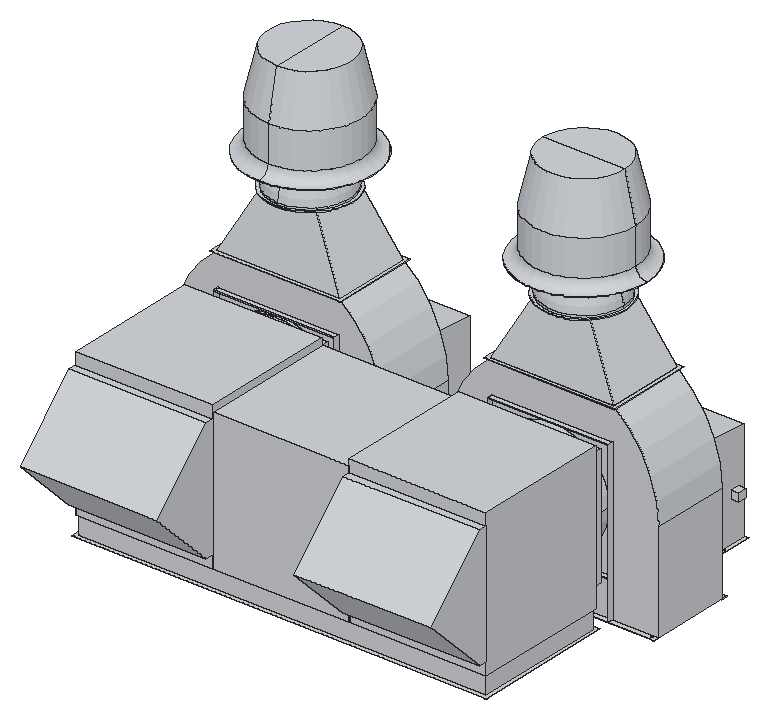
Revit family "Dual_CAVP_with_Mixing_Box", category Mechanical Equipment, Revit 2019
Family settings
  Round Connector Dimension = Use Diameter
  Part Type = Normal
  Work Plane-Based = No
  Always vertical = Yes
  Cut with Voids When Loaded = No
  Shared = No
  Room Calculation Point = No
Parameters (values of type "Dual_490_CAVP-27L_CLASS_2_With_Mixing_Box")
  Unit Weight [instance] = ""
  TRANSITION/2 = TRANSITION / 2  # 13.54551"
  TRANSITION = sqrt((NOZZLE_BOTTOM_ID * NOZZLE_BOTTOM_ID) / 2)  # 27.09103"
  RO2/2 = (DUAL_Q - 4 1/2") / 2  # 96 15/16"
  RO/2 = (MB_P - 4 1/2") / 2  # 30 3/4"
  N_B_R+1.5" = NOZZLE_BOTTOM_RAD + 1 1/2"  # 20 21/32"
  ModelID [instance] = ""
  MB_P+MB_P+.5 = MB_P + MB_P + 1/2"  # 132 1/2"
  E/52*30 = E / 52 * 30  # 59.38702"
  E/2-H/2 = E / 2 - H / 2  # 22 5/8"
  E-N-N-H = (E - N - N - H) / 2  # 2"
  E-(NOZZLE_RAD/3*2) = E / 2 - (NOZZLE_BOTTOM_RAD / 3 * 2)  # 38.69792"
  DUAL_Q-4.5" = DUAL_Q - 4 1/2"  # 193 7/8"
  DUAL_Q+.25" = DUAL_Q + 1/4"  # 198 5/8"
  DUAL_Q = (MB_P * 3) + 3/8"  # 198 3/8"
  Sones [instance] = ""
  R-((B/2)+1.5") = R - ((B / 2) + 1 1/2")  # 19"
  R+((B/2)+1.5") = R + ((B / 2) + 1 1/2")  # 77"
  R*1.1 = R * 1.1  # 52.8"
  R = 48"
  Q/2 = Q / 2  # 1/2"
  Q = 1"  # constant formula
  MB_P-4.5" = MB_P - 4 1/2"  # 61 1/2"
  MB_P+.25" = MB_P + 1/4"  # 66 1/4"
  P = 21 7/8"
  NOZZLE_WB_RAD-2" = NOZZLE_WB_RAD - 2"  # 28 1/2"
  NOZZLE_WB_RAD = NOZZLE_WB_OD / 2  # 30 1/2"
  NOZZLE_WB_OD = if(NOZZLE_SIZE = 9", 23", if(NOZZLE_SIZE = 12", 28", if(NOZZLE_SIZE = 15", 36", if(NOZZLE_SIZE = 18", 43", if(NOZZLE_SIZE = 21", 49", if(NOZZLE_SIZE = 24", 61", if(NOZZLE_SIZE = 27", 61", if(NOZZLE_SIZE = 30", 74", if(NOZZLE_SIZE = 36", 90", if(NOZZLE_SIZE = 49", 101", 1"))))))))))  # 61"
  NOZZLE_WB/4 = NOZZLE_WB_OD / 5  # 12.2"
  NOZZLE_TOP_RAD = NOZZLE_TOP_OD / 2  # 19 27/32"
  NOZZLE_TOP_OD = if(NOZZLE_SIZE = 9", 13 1/2", if(NOZZLE_SIZE = 12", 19 1/2", if(NOZZLE_SIZE = 15", 23", if(NOZZLE_SIZE = 18", 27 1/2", if(NOZZLE_SIZE = 21", 30 3/4", if(NOZZLE_SIZE = 24", 36 1/2", if(NOZZLE_SIZE = 27", 39 11/16", if(NOZZLE_SIZE = 30", 45 1/2", if(NOZZLE_SIZE = 36", 58", if(NOZZLE_SIZE = 49", 76", 1"))))))))))  # 39 11/16"
  NOZZLE_SIZE = 27"
  NOZZLE_HEIGHT/7*2 = NOZZLE_HEIGHT / 8 * 2  # 15 5/32"
  NOZZLE_HEIGHT = if(NOZZLE_SIZE = 9", 28", if(NOZZLE_SIZE = 12", 32", if(NOZZLE_SIZE = 15", 43", if(NOZZLE_SIZE = 18", 48", if(NOZZLE_SIZE = 21", 52 3/4", if(NOZZLE_SIZE = 24", 62", if(NOZZLE_SIZE = 30", 78", if(NOZZLE_SIZE = 27", 60 5/8", if(NOZZLE_SIZE = 36", 95", if(NOZZLE_SIZE = 49", 110", 1"))))))))))  # 60 5/8"
  NOZZLE_BOTTOM_RAD-3*2 = NOZZLE_BOTTOM_RAD - 3" * 2  # 13 5/32"
  NOZZLE_BOTTOM_RAD = NOZZLE_BOTTOM_ID / 2  # 19 5/32"
  NOZZLE_BOTTOM_ID = if(NOZZLE_SIZE = 9", 12 13/16", if(NOZZLE_SIZE = 12", 17 1/16", if(NOZZLE_SIZE = 15", 21 3/8", if(NOZZLE_SIZE = 18", 25 5/8", if(NOZZLE_SIZE = 21", 28 3/4", if(NOZZLE_SIZE = 24", 34 3/4", if(NOZZLE_SIZE = 27", 38 5/16", if(NOZZLE_SIZE = 30", 42 1/2", if(NOZZLE_SIZE = 36", 51 3/4", if(NOZZLE_SIZE = 49", 69 3/8", 1"))))))))))  # 38 5/16"
  MB_N-(D-J-K-L) = MB_N - (D - J - K - L)  # 12 3/16"
  N+(H/2) = N + (H / 2)  # 49 15/32"
  N = 20 5/8"
  Motor RPM [instance] = ""
  Motor Enclosure [instance] = ""
  MB_Q = MB_P  # 66"
  MB_P = 66"
  MB_N = 13 9/16"
  MB_HEIGHT/2 = MB_HEIGHT / 2  # 35 3/8"
  MB_HEIGHT = 70 3/4"
  MB_F = 15 3/4"
  MB_A = 195 7/8"
  M-(2*(D-L-K-J)) = M - (2 * (D - L - K - J))  # 38 3/16"
  M = 40 15/16"
  LwA [instance] = ""
  L = 43 3/16"
  K = 25 7/8"
  J+K+L = J + K + L  # 82 9/16"
  J = 13 1/2"
  HEIGHT = R + (E * 0.4367)  # 92.95281"
  H/2 = H / 2  # 28 27/32"
  H = 57 11/16"
  Fan RPM [instance] = ""
  F/2 = F / 2  # 29 27/32"
  F-H = F - H  # 2"
  MB_F-3" = MB_F - 3"  # 12 3/4"
  F = 59 11/16"
  E/52*15 = E / 52 * 15  # 29.69351"
  E/2 = E / 2  # 51 15/32"
  E = 102 15/16"
  D-M = D - M  # 43"
  D-L-K-J = D - L - J - K  # 1 3/8"
  D = 83 15/16"
  CURB_HEIGHT [instance] = 12"
  CURB [instance] = yes
  CLASS = 2"
  C/2 = C / 2  # 61 17/32"
  C = 123 1/16"
  Bypass Damper Actuator = ""
  B/4 = B / 4  # 13 3/4"
  B/2 = B / 2  # 27 1/2"
  B = 55"
  Accessories [instance] = ""
  A/2 = A / 2  # 108 29/32"
  A = 217 13/16"
  85 = 85.00°  # constant formula
  8.1875 = 8 3/16"  # constant formula
  60 = 60.00°  # constant formula
  3" = 3"  # constant formula
  Brake Hp [instance] = ""
  4" = 4"  # constant formula
  2' = 24"
  2" = 2"  # constant formula
  135 = 135.00°  # constant formula
  10.1875 = 10 3/16"  # constant formula
  1" = 1"  # constant formula
  0 = 0"  # constant formula
  Voltage [instance] = 0 V
  URL = "www.lorencook.com"
  Type Comments = if(CLASS = 1", "Dual Vari-Plume Laboratory Exhaust Centrifugal Airfoil Class 1 Arr 10 With Mixing Box", "Dual Vari-Plume Laboratory Exhaust Centrifugal Airfoil Class 2 Arr 10 With Mixing Box")  # "Dual Vari-Plume Laboratory Exhaust Centrifugal Airfoil Class 2 Arr 10 With Mixing Box"
  Static Pressure [instance] = 0.00 in-wg
  Power [instance] = Voltage * Motor FLA * sqrt(if(Phase = 3, 3, 1))  # 0 VA
  Phase [instance] = 0
  Number of Poles [instance] = 1
  Motor Hp [instance] = "0"
  Motor FLA [instance] = 0 A
  Model = "Dual_CAVP_with_Mixing_Box"  # constant formula
  Manufacturer = "Loren Cook Company"
  CFM [instance] = 0 CFM
  1.5 = 1 1/2"  # constant formula
  ONE EIGTH = 1/8"  # constant formula
  -MB_P-.25 = -MB_P - 1/4"  # -66 1/4"
  -MB_P = -MB_P  # -66"
  -MB_HEIGHT = -MB_HEIGHT  # -70 3/4"
  -(F-((F-H)/2))/2 = -(F / 2) + 2"  # -27 27/32"
  -((MB_Q / 2) + 1/8") = -((MB_Q / 2) + 1/8")  # -33 1/8"
  (NOZZLE_WB_OD - NOZZLE_TOP_OD) / 4 = (NOZZLE_WB_OD - NOZZLE_TOP_OD) / 4  # 5 21/64"
  (NOZZLE_HEIGHT - (NOZZLE_HEIGHT / 8 * 2)) / 2 = (NOZZLE_HEIGHT - (NOZZLE_HEIGHT / 8 * 2)) / 2  # 22 47/64"
  (MB_Q/2)+.125" = (MB_Q / 2) + 1/8"  # 33 1/8"
  (MB_P/2-.125")-((F / 2) - 2") = -((MB_P / 2 - 1/8") - ((F / 2) - 2"))  # -5 1/32"
  (MB_P/2-.125")+((F / 2) - 2") = -((MB_P / 2 - 1/8") + ((F / 2) - 2"))  # -60 23/32"
  (MB_P/2)+.125" = (MB_P / 2) + 1/8"  # 33 1/8"
  (M - (2 * (D - L - K - J)))/2 = (M - (2 * (D - L - K - J))) / 2  # 19 3/32"
  (F-((F-H)/2))/2 = (F / 2) - 2"  # 27 27/32"
  (E/2)-(E/52*15) = (E / 2) - (E / 52 * 15)  # 21.77524"
  (E/2)-((MB_P/2)+.125") = (E / 2) - ((MB_P / 2) + 1/8")  # 18 11/32"
  (E/2)-((B/2)+1.5") = (E / 2) - ((B / 2) + 1 1/2")  # 22 15/32"
  (D-J-K-L)*2 = (D - J - K - L) * 2  # 2 3/4"
  (B/2)-.125" = (B / 2) - 1/8"  # 27 3/8"
  (B/2)+1.5" = (B / 2) + 1 1/2"  # 29"
  ((M - (2 * (D - L - K - J))) / 2) + (TRANSITION / 2) = ((M - (2 * (D - L - K - J))) / 2) + (TRANSITION / 2)  # 32.63926"
Reference planes (in)
  plane 1 "Center (Front/Back)": y = 0
  plane 2: z = 0
  plane 3 "Center (Left/Right)": x = -3.28209
  plane 4: y = -19.09375
  plane 5: x = 129.21791
Forms (in)
  Extrusion 1, solid
    sketch origin (0, 0, 0) x (1, 0, 0) y (0, 0, 1)
      loop
        line (-54.75084, 0) -> (48.18666, 0) -> (48.18666, 48)
        arc (48.18666, 48) -> (42.45625, 72.97457) -> (26.41142, 92.95281) r 57.28791
        line (26.41142, 92.95281) -> (-32.9756, 92.95281)
        arc (-32.9756, 92.95281) -> (-49.02043, 72.97457) -> (-54.75084, 48) r 57.28791
        line (-54.75084, 48) -> (-54.75084, 0)
    from 0 to 38.1875 <- "M-(2*(D-L-K-J))"
  Extrusion 2, solid
    sketch origin (-3.28209, 0, 0) x (0, 1, 0) y (0, 0, 1)
      loop
        line (0, 0) -> (43, 0) -> (43, 49.03799) -> (0, 52.8) -> (0, 0)
    from -27.84375 <- "-(F-((F-H)/2))/2" to 27.84375 <- "(F-((F-H)/2))/2"
  Extrusion 3, solid
    sketch origin (0, 0, 0) x (1, 0, 0) y (0, 1, 0)
      loop
        line (-54.75084, 0) -> (-31.12584, 0) -> (-31.12584, 43) -> (-33.12584, 43) -> (-33.12584, 2.75) -> (-54.75084, 2.75) -> (-54.75084, 0)
      loop
        line (-54.75084, -38.1875) -> (-54.75084, -40.9375) -> (48.18666, -40.9375) -> (48.18666, -38.1875) -> (-54.75084, -38.1875)
      loop
        line (48.18666, 0) -> (48.18666, 2.75) -> (26.56166, 2.75) -> (26.56166, 43) -> (24.56166, 43) -> (24.56166, 0) -> (48.18666, 0)
    from 0 to 0.125
  Blend 4, solid
    base sketch origin (0, 0, 0) x (1, 0, 0) y (0, 1, 0)
      loop
        line (-32.9756, 0) -> (-32.9756, -38.1875) -> (26.41142, -38.1875) -> (26.41142, 0) -> (-32.9756, 0)
    top sketch origin (0, 0, 0) x (1, 0, 0) y (0, 1, 0)
      loop
        line (-16.8276, -5.54824) -> (-16.8276, -32.63926) -> (10.26343, -32.63926) -> (10.26343, -5.54824) -> (-16.8276, -5.54824)
    from 92.95281 <- "HEIGHT" to 123.0625 <- "C"
  Revolve 5, void
    sketch origin (-3.28209, 0, 0) x (0, 1, 0) y (0, 0, 1)
      loop
        line (-38.1875, 75.5) -> (-38.1875, 48) -> (-24.4375, 48) -> (-24.4375, 67.56143) -> (-38.1875, 75.5)
      axis (-38.1875, 48) -> (-24.4375, 48)
    angle from 0 to 360
  Revolve 6, solid
    sketch origin (-3.28209, 0, 0) x (0, 1, 0) y (0, 0, 1)
      loop
        line (-19.09375, 123.0625) -> (1.5625, 123.0625) -> (1.5625, 123.1875) -> (0.0625, 123.1875) -> (0.0625, 124.0625)
        arc (0.0625, 124.0625) -> (-1.77051, 131.94902) -> (-6.89375, 138.21875) r 17.8824
        line (-6.89375, 138.21875) -> (11.40625, 138.21875) -> (0.75, 183.6875) -> (-19.09375, 183.6875) -> (-19.09375, 123.0625)
      axis (-19.09375, 183.6875) -> (-19.09375, 123.0625)
    angle from 0 to 360
  Revolve 7, void
    sketch origin (-3.28209, 0, 0) x (0, 1, 0) y (0, 0, 1)
      loop
        line (16.73437, 160.95312) -> (6.07812, 160.95312) -> (6.07812, 143.67188)
        arc (6.07812, 143.67188) -> (11.40625, 138.34375) -> (16.73437, 143.67188) r 5.32813
        line (16.73437, 143.67188) -> (16.73437, 160.95312)
      axis (-19.09375, 143.67188) -> (-19.09375, 160.95312)
    angle from 0 to 360
  Extrusion 8, solid
    sketch origin (-31.12584, 0, 0) x (0, -1, 0) y (0, 0, 1)
      loop
        line (-39, 20) -> (-35, 20) -> (-35, 24) -> (-39, 24) -> (-39, 20)
    from 0 to 4
  Extrusion 9, solid
    sketch origin (26.41142, 0, 92.95281) x (-1, 0, 0) y (0, -1, 0)
      loop
        line (59.38702, 0) -> (59.38702, 38.1875) -> (0, 38.1875) -> (0, 0) -> (59.38702, 0)
      loop
        line (61.38702, -2) -> (61.38702, 40.1875) -> (-2, 40.1875) -> (-2, -2) -> (61.38702, -2)
    from 0 to 0.125
  Extrusion 10, solid
    sketch origin (0, -38.1875, 0) x (1, 0, 0) y (0, 0, 1)
      loop
        circle (-3.28209, 48) r 27.5
      loop
        circle (-3.28209, 48) r 27.375
    from 0 to 2
  Extrusion 11, solid
    sketch origin (0, -38.1875, 0) x (1, 0, 0) y (0, 0, 1)
      loop
        line (-32.28209, 77) -> (-32.28209, 19) -> (25.71791, 19) -> (25.71791, 77) -> (-32.28209, 77)
      loop
        line (-32.40709, 0.125) -> (-32.28209, 0.125) -> (-32.28209, 18.875) -> (25.71791, 18.875) -> (25.71791, 0.125) -> (25.84291, 0.125) -> (25.84291, 77.125) -> (-32.40709, 77.125) -> (-32.40709, 0.125)
    from 0 to 2.75 <- "(D-J-K-L)*2"
  Extrusion 12, void
    sketch origin (0, 0, 0) x (1, 0, 0) y (0, 1, 0)
      loop
        circle (-32.12584, -39.5625) r 0.5
      loop
        circle (-52.75084, -39.5625) r 0.5
      loop
        circle (-52.75084, 1.375) r 0.5
      loop
        circle (-32.12584, 29.5) r 0.5
      loop
        circle (-32.12584, 7.625) r 0.5
      loop
        circle (-32.12584, 3.625) r 0.5
      loop
        circle (25.56166, -39.5625) r 0.5
      loop
        circle (46.18666, -39.5625) r 0.5
      loop
        circle (46.18666, 1.375) r 0.5
      loop
        circle (25.56166, 29.5) r 0.5
      loop
        circle (25.56166, 7.625) r 0.5
      loop
        circle (25.56166, 3.625) r 0.5
    from 0 to 2
  Extrusion 13, solid
    sketch origin (-3.28209, 0, 0) x (0, 1, 0) y (0, 0, 1)
      loop
        line (-119.375, 83.5) -> (-119.375, 12.75) -> (-53.125, 12.75) -> (-53.125, 83.5) -> (-119.375, 83.5)
    from 33.125 <- "(MB_Q/2)+.125"" to -33.125 <- "-((MB_Q / 2) + 1/8")"
  Extrusion 14, void
    sketch origin (0, 0, 0) x (1, 0, 0) y (0, 1, 0)
      loop
        line (-36.28209, -53.25) -> (-36.28209, -119.25) -> (29.71791, -119.25) -> (29.71791, -53.25) -> (-36.28209, -53.25)
    from 15.75 <- "MB_F" to 12.75 <- "MB_F-3""
  Extrusion 15, solid
    sketch origin (-3.28209, -53.125, 83.5) x (0, 0, -1) y (-1, 0, 0)
      loop
        line (6.375, 29.125) -> (6.375, -29.125) -> (64.5, -29.125) -> (64.5, 29.125) -> (6.375, 29.125)
    from 0 to 8.1875 <- "8.1875"
  Revolve 16, solid
    sketch origin (-3.28209, 0, 0) x (0, 1, 0) y (0, 0, 1)
      loop
        line (-40.1875, 75.5) -> (-44.9375, 75.5) -> (-44.9375, 48) -> (-40.1875, 48) -> (-40.1875, 75.5)
      axis (-40.1875, 48) -> (-44.9375, 48)
    angle from 0 to 360
  Extrusion 17, solid
    sketch origin (-3.28209, 0, 0) x (0, 1, 0) y (0, 0, 1)
      loop
        line (-119.375, 77.625) -> (-123.375, 77.625) -> (-152.875, 48.125) -> (-123.375, 18.625) -> (-119.375, 18.625) -> (-119.375, 77.625)
    from 33.125 <- "(MB_Q/2)+.125"" to -33.125 <- "-((MB_Q / 2) + 1/8")"
  Extrusion 18, solid
    sketch origin (-3.28209, -53.125, 12.75) x (-1, 0, 0) y (0, 1, 0)
      loop
        line (-99.25, 0) -> (-165.5, 0) -> (-165.5, -66.25) -> (-99.25, -66.25) -> (-99.25, 0)
    from 0 to -70.75 <- "-MB_HEIGHT"
  Extrusion 19, void
    sketch origin (-3.28209, -53.125, 12.75) x (-1, 0, 0) y (0, -1, 0)
      loop
        line (-99.375, 0.125) -> (-99.375, 66.125) -> (-165.375, 66.125) -> (-165.375, 0.125) -> (-99.375, 0.125)
    from 0 to 3
  Extrusion 20, solid
    sketch origin (0, 0, 0) x (1, 0, 0) y (0, 0, 1)
      loop
        arc (180.68666, 48) -> (174.95768, 73.03083) -> (158.91142, 93.07781) r 57.54632
        line (158.91142, 93.07781) -> (99.5244, 93.07781)
        arc (99.5244, 93.07781) -> (83.47814, 73.03083) -> (77.74916, 48) r 57.54632
        line (77.74916, 48) -> (77.74916, 0) -> (180.68666, 0) -> (180.68666, 48)
    from 0 to 38.1875 <- "M-(2*(D-L-K-J))"
  Extrusion 21, solid
    sketch origin (162.21791, -53.125, 12.75) x (0, -1, 0) y (0, 0, -1)
      loop
        line (-96.125, -36.28799) -> (-53.125, -40.05) -> (-53.125, 12.75) -> (-96.125, 12.75) -> (-96.125, -36.28799)
    from -5.03125 <- "(MB_P/2-.125")-((F / 2) - 2")" to -60.71875 <- "(MB_P/2-.125")+((F / 2) - 2")"
  Blend 22, solid
    base sketch origin (0, 0, 0) x (1, 0, 0) y (0, 1, 0)
      loop
        line (99.5244, 0) -> (99.5244, -38.1875) -> (158.91142, -38.1875) -> (158.91142, 0) -> (99.5244, 0)
    top sketch origin (0, 0, 0) x (1, 0, 0) y (0, 1, 0)
      loop
        line (115.6724, -5.54824) -> (115.6724, -32.63926) -> (142.76343, -32.63926) -> (142.76343, -5.54824) -> (115.6724, -5.54824)
    from 92.95281 <- "HEIGHT" to 123.0625 <- "C"
  Revolve 23, solid
    sketch origin (41.56006, -19.09375, 48) x (-1, 0, 0) y (0, 0, 1)
      loop
        line (-87.65785, 75.0625) -> (-87.65785, 135.6875) -> (-107.5016, 135.6875) -> (-118.15785, 90.21875) -> (-99.85785, 90.21875)
        arc (-99.85785, 90.21875) -> (-104.98109, 83.94902) -> (-106.8141, 76.0625) r 17.8824
        line (-106.8141, 76.0625) -> (-106.8141, 75.0625) -> (-87.65785, 75.0625)
      axis (-87.65785, 75.0625) -> (-87.65785, 135.6875)
    angle from 0 to 360
  Revolve 24, void
    sketch origin (41.56006, -19.09375, 48) x (-1, 0, 0) y (0, 0, 1)
      loop
        line (-112.82972, 95.67187) -> (-112.82972, 112.95312) -> (-123.48597, 112.95312) -> (-123.48597, 95.67187)
        arc (-123.48597, 95.67187) -> (-118.15785, 90.34375) -> (-112.82972, 95.67187) r 5.32812
      axis (-87.65785, 95.67187) -> (-87.65785, 112.95312)
    angle from 0 to 360
  Extrusion 25, solid
    sketch origin (0, 0, 0) x (1, 0, 0) y (0, 1, 0)
      loop
        line (77.99916, -38.1875) -> (77.99916, -40.9375) -> (180.93666, -40.9375) -> (180.93666, -38.1875) -> (77.99916, -38.1875)
      loop
        line (157.18666, 43) -> (157.18666, 0) -> (180.93666, 0) -> (180.93666, 2.75) -> (159.18666, 2.75) -> (159.18666, 43) -> (157.18666, 43)
      loop
        line (101.49916, 43) -> (99.49916, 43) -> (99.49916, 2.75) -> (77.99916, 2.75) -> (77.99916, 0) -> (101.49916, 0) -> (101.49916, 43)
    from 0 to 0.125
  Extrusion 26, void
    sketch origin (0, 0, 0) x (1, 0, 0) y (0, 1, 0)
      loop
        circle (79.74916, -39.5625) r 0.5
      loop
        circle (100.37416, -39.5625) r 0.5
      loop
        circle (158.06166, -39.5625) r 0.5
      loop
        circle (178.68666, -39.5625) r 0.5
      loop
        circle (178.68666, 1.375) r 0.5
      loop
        circle (79.74916, 1.375) r 0.5
      loop
        circle (158.06166, 3.625) r 0.5
      loop
        circle (158.06166, 7.625) r 0.5
      loop
        circle (158.06166, 29.5) r 0.5
      loop
        circle (100.37416, 29.5) r 0.5
      loop
        circle (100.37416, 7.625) r 0.5
      loop
        circle (100.37416, 3.625) r 0.5
    from 0 to 0.125
  Extrusion 27, solid
    sketch origin (95.96791, -53.125, 12.75) x (1, 0, 0) y (0, 0, -1)
      loop
        line (62.25, -64.25) -> (62.25, -6.25) -> (4.25, -6.25) -> (4.25, -64.25) -> (62.25, -64.25)
    from 0 to 8.1875 <- "8.1875"
  Extrusion 28, solid
    sketch origin (162.21791, -53.125, 12.75) x (0, -1, 0) y (0, 0, -1)
      loop
        line (66.25, -64.875) -> (70.25, -64.875) -> (99.75, -35.375) -> (70.25, -5.875) -> (66.25, -5.875) -> (66.25, -64.875)
    from 0 to -66.25 <- "-MB_P-.25"
  Extrusion 29, solid
    sketch origin (0, -38.1875, 0) x (1, 0, 0) y (0, 0, 1)
      loop
        circle (129.21791, 48) r 27.5
    from 0 to 6.75
  Extrusion 30, solid
    sketch origin (0, -38.1875, 0) x (1, 0, 0) y (0, 0, 1)
      loop
        line (100.21791, 19) -> (158.21791, 19) -> (158.21791, 77) -> (100.21791, 77) -> (100.21791, 19)
      loop
        line (158.21791, 0.125) -> (158.34291, 0.125) -> (158.34291, 77.125) -> (100.09291, 77.125) -> (100.09291, 0.125) -> (100.21791, 0.125) -> (100.21791, 18.875) -> (158.21791, 18.875) -> (158.21791, 0.125)
    from 0 to 2.75 <- "(D-J-K-L)*2"
  Extrusion 31, solid
    sketch origin (-3.28209, -119.375, 12.75) x (0, 0, 1) y (-1, 0, 0)
      loop
        line (67.75, -99.25) -> (67.75, -33.125) -> (0, -33.125) -> (0, -99.25) -> (67.75, -99.25)
    from 0 to -66.25 <- "-MB_P-.25"
  Extrusion 32, void
    sketch origin (29.84291, -119.375, 12.75) x (-1, 0, 0) y (0, -1, 0)
      loop
        line (-0.125, -66.125) -> (-0.125, -0.125) -> (-66, -0.125) -> (-66, -66.125) -> (-0.125, -66.125)
    from 0 to 3
  Extrusion 33, solid
    sketch origin (157.18666, -53.125, 12.75) x (0, -1, 0) y (0, 0, -1)
      loop
        line (-88.125, -11.25) -> (-88.125, -7.25) -> (-92.125, -7.25) -> (-92.125, -11.25) -> (-88.125, -11.25)
    from 0 to 4
  Extrusion 34, solid, visible <- "CURB"
    sketch origin (0, 0, 15.75) x (0, 1, 0) y (1, 0, 0)
      loop
        line (-55.5, -34.03209) -> (-55.5, 159.96791) -> (-117, 159.96791) -> (-117, -34.03209) -> (-55.5, -34.03209)
      loop
        line (-118.5, 161.46791) -> (-118.5, -35.53209) -> (-54, -35.53209) -> (-54, 161.46791) -> (-118.5, 161.46791)
    from 0 to 12 <- "CURB_HEIGHT"
  Extrusion 35, solid, visible <- "CURB"
    sketch origin (0, 0, 3.75) x (-1, 0, 0) y (0, 1, 0)
      loop
        line (35.53209, -118.5) -> (35.53209, -54) -> (-161.46791, -54) -> (-161.46791, -118.5) -> (35.53209, -118.5)
      loop
        line (-163.46791, -52) -> (-163.46791, -120.5) -> (37.53209, -120.5) -> (37.53209, -52) -> (-163.46791, -52)
    from 0 to -0.125
  Extrusion 36, solid
    sketch origin (158.91142, 0, 93.07781) x (-1, 0, 0) y (0, -1, 0)
      loop
        line (61.38702, 40.1875) -> (-2, 40.1875) -> (-2, -2) -> (61.38702, -2) -> (61.38702, 40.1875)
      loop
        line (0, 0) -> (59.38702, 0) -> (59.38702, 38.1875) -> (0, 38.1875) -> (0, 0)
    from 0 to -0.125
  Extrusion 37, solid
    sketch origin (129.21791, -19.09375, 123.0625) x (0, -1, 0) y (-1, 0, 0)
      loop
        circle (0, 0) r 20.65625
      loop
        circle (0, 0) r 19.15625
    from 0 to -0.125
Cuts and joins
  Revolve 5, Extrusion 12 cuts Extrusion 1
  Revolve 7 cuts Revolve 6
  Extrusion 12 cuts Extrusion 3
  Extrusion 14 cuts Extrusion 13
  Extrusion 19 cuts Extrusion 18
  Revolve 24 cuts Revolve 23
  Extrusion 26 cuts Extrusion 20
  Extrusion 26 cuts Extrusion 21
  Extrusion 26 cuts Extrusion 25
  Extrusion 32 cuts Extrusion 31
Dimensions and locks (in)
  "0": Extrusion 1 sketch curve to level
  "E/2": plane 3 "Center (Left/Right)" to Extrusion 1 sketch curve
  "E/2": Extrusion 1 sketch curve to plane 3 "Center (Left/Right)"
  "HEIGHT": Extrusion 1 sketch curve to level
  "E/52*15": plane 3 "Center (Left/Right)" to Extrusion 1 sketch curve
  "E/52*15": Extrusion 1 sketch curve to plane 3 "Center (Left/Right)"
  "R": Extrusion 1 sketch curve to level  (x2)
  "R*1.1": Extrusion 2 sketch curve to level
  "0": Extrusion 2 sketch curve to level
  "D-M": Extrusion 2 sketch curve to Extrusion 1
  "0": Extrusion 2 sketch curve to Extrusion 1
  "0": Extrusion 3 sketch curve to Extrusion 2  (x4)
  "0": Extrusion 3 sketch curve to Extrusion 1  (x6)
  "0": Extrusion 1 to Extrusion 3 sketch curve
  "D": Extrusion 2 to Extrusion 3 sketch curve
  "F/2": plane 3 "Center (Left/Right)" to Extrusion 3 sketch curve
  "F/2": Extrusion 3 sketch curve to plane 3 "Center (Left/Right)"
  "(D-J-K-L)*2": Extrusion 3 sketch curve to Extrusion 1  (x2)
  "0": Extrusion 1 to Blend 4 sketch curve
  "0": Blend 4 sketch curve to Extrusion 1  (x3)
  "R": level to Revolve 5 sketch curve
  "R": Revolve 5 sketch curve to level
  "B/2": Revolve 5 sketch curve to Revolve 5 sketch curve
  "B/4": Extrusion 1 to Revolve 5 sketch curve
  "0": Revolve 5 sketch curve to Extrusion 1
  "(M - (2 * (D - L - K - J)))/2": Revolve 6 sketch curve to cut or joined group of Extrusion 1, Revolve 5, Extrusion 12  (x2)
  "NOZZLE_BOTTOM_RAD": Revolve 6 sketch curve to Revolve 6 sketch curve
  "NOZZLE_WB_RAD": Revolve 6 sketch curve to Revolve 6 sketch curve
  "NOZZLE_TOP_RAD": Revolve 6 sketch curve to Revolve 6 sketch curve
  "NOZZLE_HEIGHT": Revolve 6 sketch curve to Blend 4
  "NOZZLE_HEIGHT/7*2": Revolve 6 sketch curve to Blend 4
  "ONE EIGTH": Revolve 6 sketch curve to Revolve 6 sketch curve
  "1.5": Revolve 6 sketch curve to Revolve 6 sketch curve
  "0": Revolve 6 sketch curve to Blend 4
  "1"": Revolve 6 sketch curve to Blend 4
  "NOZZLE_WB/4": Revolve 6 sketch curve to Revolve 6 sketch curve
  "ONE EIGTH": Revolve 7 sketch curve to Revolve 6
  "(NOZZLE_WB_OD - NOZZLE_TOP_OD) / 4": Revolve 6 to Revolve 7 sketch curve
  "(NOZZLE_WB_OD - NOZZLE_TOP_OD) / 4": Revolve 7 sketch curve to Revolve 6
  "(NOZZLE_HEIGHT - (NOZZLE_HEIGHT / 8 * 2)) / 2": Revolve 7 sketch curve to Revolve 6
  "(M - (2 * (D - L - K - J)))/2": Revolve 7 sketch curve to cut or joined group of Extrusion 1, Revolve 5, Extrusion 12
  "4"": Extrusion 8 sketch curve to Extrusion 8 sketch curve  (x2)
  "4"": Extrusion 2 to Extrusion 8 sketch curve
  "2'": Extrusion 8 sketch curve to level
  "0": cut or joined group of Extrusion 1, Revolve 5, Extrusion 12 to Extrusion 9 sketch curve  (x2)
  "0": Extrusion 9 sketch curve to cut or joined group of Extrusion 1, Revolve 5, Extrusion 12  (x2)
  "2"": cut or joined group of Extrusion 1, Revolve 5, Extrusion 12 to Extrusion 9 sketch curve  (x2)
  "2"": Extrusion 9 sketch curve to cut or joined group of Extrusion 1, Revolve 5, Extrusion 12  (x2)
  "0": Extrusion 10 sketch curve to plane 3 "Center (Left/Right)"  (x2)
  "R": Extrusion 10 sketch curve to level  (x2)
  "(B/2)+1.5"": plane 3 "Center (Left/Right)" to Extrusion 11 sketch curve  (x3)
  "(B/2)+1.5"": Extrusion 11 sketch curve to plane 3 "Center (Left/Right)"
  "R+((B/2)+1.5")": Extrusion 11 sketch curve to level
  "R-((B/2)+1.5")": Extrusion 11 sketch curve to level
  "0": Extrusion 11 sketch curve to Extrusion 3
  "ONE EIGTH": Extrusion 11 sketch curve to Extrusion 11 sketch curve  (x4)
  "0": Extrusion 3 to Extrusion 11 sketch curve
  "J": Extrusion 2 to Extrusion 12 sketch curve  (x2)
  "H/2": Extrusion 12 sketch curve to plane 3 "Center (Left/Right)"  (x8)
  "P": Extrusion 12 sketch curve to Extrusion 12 sketch curve  (x2)
  "K": Extrusion 12 sketch curve to Extrusion 12 sketch curve  (x2)
  "L": Extrusion 12 sketch curve to Extrusion 12 sketch curve  (x2)
  "N+(H/2)": Extrusion 12 sketch curve to plane 3 "Center (Left/Right)"  (x4)
  "M": Extrusion 12 sketch curve to Extrusion 12 sketch curve  (x2)
  "J+K+L": Extrusion 2 to Extrusion 12 sketch curve  (x2)
  "MB_N-(D-J-K-L)": Extrusion 13 sketch curve to Extrusion 11
  "MB_P+.25"": Extrusion 13 sketch curve to Extrusion 13 sketch curve
  "MB_F-3"": Extrusion 13 sketch curve to level
  "MB_HEIGHT": Extrusion 13 sketch curve to Extrusion 13 sketch curve
  "ONE EIGTH": Extrusion 13 to Extrusion 14 sketch curve
  "ONE EIGTH": Extrusion 14 sketch curve to Extrusion 13  (x3)
  "0": Extrusion 15 sketch curve to Extrusion 11  (x4)
  "0": Revolve 16 sketch curve to Revolve 16 sketch curve
  "0": Revolve 16 sketch curve to Extrusion 15
  "0": Revolve 16 sketch curve to Extrusion 10
  "B/2": Revolve 16 sketch curve to Revolve 16 sketch curve
  "R": Revolve 16 sketch curve to level
  "MB_HEIGHT/2": cut or joined group of Extrusion 13, Extrusion 14 to Extrusion 17 sketch curve
  "0": Extrusion 17 sketch curve to cut or joined group of Extrusion 13, Extrusion 14
  "4"": Extrusion 17 sketch curve to cut or joined group of Extrusion 13, Extrusion 14  (x2)
  "MB_A": Extrusion 17 sketch curve to Extrusion 2
  "MB_P+.25"": Extrusion 18 sketch curve to Extrusion 18 sketch curve  (x2)
  "0": Extrusion 18 sketch curve to cut or joined group of Extrusion 13, Extrusion 14
  "DUAL_Q+.25"": cut or joined group of Extrusion 13, Extrusion 14 to Extrusion 18 sketch curve
  "ONE EIGTH": Extrusion 19 sketch curve to Extrusion 18  (x2)
  "ONE EIGTH": Extrusion 18 to Extrusion 19 sketch curve  (x2)
  "E": Extrusion 20 sketch curve to Extrusion 20 sketch curve
  "0": Extrusion 20 sketch curve to level
  "0": Extrusion 9 to Extrusion 20 sketch curve
  "E/52*30": Extrusion 20 sketch curve to Extrusion 20 sketch curve
  "(E/2)-(E/52*15)": Extrusion 20 sketch curve to Extrusion 20 sketch curve
  "R": level to Extrusion 20 sketch curve  (x2)
  "0": Extrusion 20 to Extrusion 21 sketch curve
  "0": Extrusion 21 sketch curve to level
  "0": Extrusion 2 to Extrusion 21 sketch curve
  "0": Extrusion 21 sketch curve to Extrusion 2
  "0": Extrusion 20 to Blend 22 sketch curve  (x2)
  "0": Blend 22 sketch curve to Extrusion 20  (x2)
  "(M - (2 * (D - L - K - J)))/2": plane 4 to plane 1 "Center (Front/Back)"
  "0": Revolve 23 sketch curve to Blend 22
  "0": Revolve 23 sketch curve to cut or joined group of Revolve 6, Revolve 7  (x2)
  "NOZZLE_TOP_RAD": Revolve 23 sketch curve to Revolve 23 sketch curve
  "NOZZLE_WB_RAD": Revolve 23 sketch curve to Revolve 23 sketch curve
  "NOZZLE_BOTTOM_RAD": Revolve 23 sketch curve to Revolve 23 sketch curve
  "1"": Revolve 23 sketch curve to Blend 22
  "NOZZLE_WB/4": Revolve 23 sketch curve to Revolve 23 sketch curve
  "(NOZZLE_WB_OD - NOZZLE_TOP_OD) / 4": Revolve 23 to Revolve 24 sketch curve  (x2)
  "ONE EIGTH": Revolve 24 sketch curve to Revolve 23
  "(NOZZLE_HEIGHT - (NOZZLE_HEIGHT / 8 * 2)) / 2": Revolve 24 sketch curve to Revolve 23
  "NOZZLE_WB_RAD": Revolve 23 to Revolve 24 sketch curve
  "0": Extrusion 25 sketch curve to cut or joined group of Extrusion 3, Extrusion 12
  "0": Extrusion 25 sketch curve to Extrusion 20  (x3)
  "0": Extrusion 25 sketch curve to Extrusion 21  (x4)
  Extrusion 20 to Extrusion 25 sketch curve = 1/4"  (x4)
  "2"": Extrusion 25 sketch curve to Extrusion 21
  "2"": Extrusion 21 to Extrusion 25 sketch curve
  "0": cut or joined group of Extrusion 3, Extrusion 12 to Extrusion 25 sketch curve
  "0": Extrusion 25 sketch curve to Extrusion 25 sketch curve
  "J": Extrusion 21 to Extrusion 26 sketch curve  (x2)
  "J+K+L": Extrusion 21 to Extrusion 26 sketch curve  (x4)
  "N": Extrusion 26 sketch curve to Extrusion 26 sketch curve  (x2)
  "H": Extrusion 26 sketch curve to Extrusion 26 sketch curve
  "P": Extrusion 26 sketch curve to Extrusion 26 sketch curve  (x2)
  "K": Extrusion 26 sketch curve to Extrusion 26 sketch curve  (x2)
  "M": Extrusion 26 sketch curve to Extrusion 26 sketch curve  (x2)
  "0": Extrusion 27 sketch curve to Extrusion 11
  "0": Extrusion 11 to Extrusion 27 sketch curve
  "(E/2)-((B/2)+1.5")": Extrusion 27 sketch curve to cut or joined group of Extrusion 20, Extrusion 26  (x2)
  "0": Extrusion 17 to Extrusion 28 sketch curve  (x4)
  "0": Extrusion 28 sketch curve to cut or joined group of Extrusion 18, Extrusion 19
  "R": Extrusion 29 sketch curve to level
  "E/2": cut or joined group of Extrusion 20, Extrusion 26 to Extrusion 29 sketch curve
  "ONE EIGTH": Extrusion 30 sketch curve to Extrusion 30 sketch curve  (x6)
  "(E/2)-((B/2)+1.5")": cut or joined group of Extrusion 20, Extrusion 26 to Extrusion 30 sketch curve  (x2)
  "R-((B/2)+1.5")": Extrusion 30 sketch curve to level
  "R+((B/2)+1.5")": Extrusion 30 sketch curve to level
  "ONE EIGTH": Extrusion 30 sketch curve to level
  "ONE EIGTH": Extrusion 30 sketch curve to cut or joined group of Extrusion 25, Extrusion 26
  "0": Extrusion 31 sketch curve to cut or joined group of Extrusion 13, Extrusion 14
  "0": Extrusion 28 to Extrusion 31 sketch curve
  "0": Extrusion 17 to Extrusion 31 sketch curve
  "3"": cut or joined group of Extrusion 13, Extrusion 14 to Extrusion 31 sketch curve
  "ONE EIGTH": Extrusion 32 sketch curve to Extrusion 31  (x2)
  "ONE EIGTH": Extrusion 32 sketch curve to cut or joined group of Extrusion 18, Extrusion 19
  "ONE EIGTH": cut or joined group of Extrusion 13, Extrusion 14 to Extrusion 32 sketch curve
  "0": Extrusion 33 sketch curve to Extrusion 8  (x2)
  "0": Extrusion 8 to Extrusion 33 sketch curve  (x2)
  "MB_P+MB_P+.5": plane 3 "Center (Left/Right)" to plane 5
  "MB_P+MB_P+.5": Extrusion 20 sketch curve to cut or joined group of Extrusion 1, Revolve 5, Extrusion 12
  "0": Revolve 23 sketch curve to plane 5  (x2)
  "H/2": Extrusion 26 sketch curve to plane 5  (x4)
  "H/2": plane 5 to Extrusion 26 sketch curve  (x3)
  "N+(H/2)": plane 5 to Extrusion 26 sketch curve
  "N+(H/2)": Extrusion 26 sketch curve to plane 5
  "1.5": Extrusion 34 sketch curve to Extrusion 34 sketch curve  (x4)
  "RO/2": connector elem to Extrusion 34 sketch curve  (x2)
  "RO/2": Extrusion 34 sketch curve to plane 3 "Center (Left/Right)"
  "RO/2": plane 5 to Extrusion 34 sketch curve
  "2"": Extrusion 35 sketch curve to Extrusion 35 sketch curve  (x4)
  "0": Extrusion 35 sketch curve to Extrusion 34  (x3)
  "0": Extrusion 34 to Extrusion 35 sketch curve
  "TRANSITION": Blend 4 sketch curve to Blend 4 sketch curve  (x2)
  "TRANSITION/2": Blend 4 sketch curve to plane 3 "Center (Left/Right)"
  "((M - (2 * (D - L - K - J))) / 2) + (TRANSITION / 2)": cut or joined group of Extrusion 1, Revolve 5, Extrusion 12 to Blend 4 sketch curve
  "TRANSITION": Blend 22 sketch curve to Blend 22 sketch curve  (x2)
  "TRANSITION/2": plane 5 to Blend 22 sketch curve
  "((M - (2 * (D - L - K - J))) / 2) + (TRANSITION / 2)": Blend 22 sketch curve to plane 1 "Center (Front/Back)"
  "0": cut or joined group of Extrusion 20, Extrusion 26 to Extrusion 36 sketch curve  (x3)
  "0": Extrusion 36 sketch curve to cut or joined group of Extrusion 20, Extrusion 26
  "2"": Extrusion 36 sketch curve to cut or joined group of Extrusion 20, Extrusion 26  (x2)
  "2"": Extrusion 36 sketch curve to Extrusion 36 sketch curve  (x2)
  "0": plane 5 to Extrusion 37 sketch curve  (x2)
  "0": plane 4 to Extrusion 37 sketch curve  (x2)
  "B/2": radius of Extrusion 10 sketch curve
  "(B/2)-.125"": radius of Extrusion 10 sketch curve
  "Q/2": radius of Extrusion 12 sketch curve  (x12)
  "Q/2": radius of Extrusion 26 sketch curve  (x12)
  "B/2": radius of Extrusion 29 sketch curve
  "NOZZLE_BOTTOM_RAD": radius of Extrusion 37 sketch curve
  "N_B_R+1.5"": radius of Extrusion 37 sketch curve
  "85": angle Extrusion 2 sketch curve to Extrusion 1
  "60": angle Extrusion 1 to Revolve 5 sketch curve
  "135": angle Extrusion 17 sketch curve to Extrusion 17 sketch curve  (x2)
  "85": angle Extrusion 21 sketch curve to Extrusion 21 sketch curve
Automatic sketch dimensions
  Revolve 5 sketch curve to Revolve 5 sketch curve = 0"
  plane 1 "Center (Front/Back)" to Revolve 5 sketch curve = 13.92544"
  Revolve 6 sketch curve to Revolve 6 sketch curve = 60"
  Revolve 6 sketch curve to Revolve 6 sketch curve = 18"
  Revolve 7 sketch curve to Revolve 7 sketch curve = 24.49886"
  Revolve 7 sketch curve to Revolve 7 sketch curve = 12"
  Revolve 16 sketch curve to Revolve 16 sketch curve = 16"
  Revolve 16 sketch curve to Revolve 16 sketch curve = 16.21791"
  level to Revolve 23 sketch curve = 20"
  Revolve 23 sketch curve to Revolve 23 sketch curve = 8"
  Revolve 24 sketch curve to Revolve 24 sketch curve = 13.63124"
  Revolve 24 sketch curve to Revolve 24 sketch curve = 3"
Connectors (in)
  electrical at (-33.12584, 37, 20)
    settings: on Extrusion 8, index 1, voltage 0 V, apparent load 0 VA, apparent load phase1 0 VA, apparent load phase2 0 VA, apparent load phase3 0 VA, power factor 1, load classification "Other", number of poles 1, system type 30, power factor state 1, is connector primary yes, connector utility no, sub classification motor no, connector description ""
  electrical at (-3.28209, -121.375, 18.625), driven by "Bypass Damper Actuator"
    settings: on Extrusion 17, index 3, voltage 0 V, apparent load 0 VA, apparent load phase1 0 VA, apparent load phase2 0 VA, apparent load phase3 0 VA, power factor 1, load classification "Other", number of poles 1, system type 13, power factor state 1, is connector primary no, connector utility no, sub classification motor no, connector description ""
  electrical at (129.09291, -121.375, 18.625), driven by "Bypass Damper Actuator"
    settings: on Extrusion 28, index 5, voltage 0 V, apparent load 0 VA, apparent load phase1 0 VA, apparent load phase2 0 VA, apparent load phase3 0 VA, power factor 1, load classification "Other", number of poles 1, system type 13, power factor state 1, is connector primary no, connector utility no, sub classification motor no, connector description ""
  electrical at (159.18666, 37, 20)
    settings: on Extrusion 33, index 6, voltage 0 V, apparent load 0 VA, apparent load phase1 0 VA, apparent load phase2 0 VA, apparent load phase3 0 VA, power factor 1, load classification "Other", number of poles 1, system type 30, power factor state 1, is connector primary no, connector utility no, sub classification motor no, connector description ""
  hvac at (62.90541, -86.25, 15.75), driven by "CFM", driven by "DUAL_Q-4.5"", driven by "MB_P-4.5""
    settings: on cut or joined group of Extrusion 31, Extrusion 32, index 7, duct flow 0 CFM, flow factor 0, pres drop 0.00 in-wg, loss coef 0, conn angle 0.00°, conn width 61 1/2", conn height 193 7/8", conn diameter 24", duct sys type 3, conn prof type 1, flow config 0, flow direction 1, loss method 0, conn ref index -1, conn util no, is conn primary yes, conn desc ""
Types (228): name | TRANSITION/2 | TRANSITION | RO2/2 | RO/2 | N_B_R+1.5" | MB_P+MB_P+.5 | E/52*30 | E/2-H/2 | E-N-N-H | E-(NOZZLE_RAD/3*2) | DUAL_Q-4.5" | DUAL_Q+.25" | DUAL_Q | R-((B/2)+1.5") | R+((B/2)+1.5") | R*1.1 | R | MB_P-4.5" | MB_P+.25" | P | NOZZLE_WB_RAD-2" | NOZZLE_WB_RAD | NOZZLE_WB_OD | NOZZLE_WB/4 | NOZZLE_TOP_RAD | NOZZLE_TOP_OD | NOZZLE_SIZE | NOZZLE_HEIGHT/7*2 | NOZZLE_HEIGHT | NOZZLE_BOTTOM_RAD-3*2 | NOZZLE_BOTTOM_RAD | NOZZLE_BOTTOM_ID | MB_N-(D-J-K-L) | N+(H/2) | N | MB_Q | MB_P | MB_N | MB_HEIGHT/2 | MB_HEIGHT | MB_F | MB_A | M-(2*(D-L-K-J)) | M | L | K | J+K+L | J | HEIGHT | H/2 | H | F/2 | MB_F-3" | F | E/52*15 | E/2 | E | D-M | D-L-K-J | D | CLASS | C/2 | C | B/4 | B/2 | B | A/2 | A | Type Comments | -MB_P-.25 | -MB_P | -MB_HEIGHT | -(F-((F-H)/2))/2 | -((MB_Q / 2) + 1/8") | (NOZZLE_WB_OD - NOZZLE_TOP_OD) / 4 | (NOZZLE_HEIGHT - (NOZZLE_HEIGHT / 8 * 2)) / 2 | (MB_Q/2)+.125" | (MB_P/2-.125")-((F / 2) - 2") | (MB_P/2-.125")+((F / 2) - 2") | (MB_P/2)+.125" | (M - (2 * (D - L - K - J)))/2 | (F-((F-H)/2))/2 | (E/2)-(E/52*15) | (E/2)-((MB_P/2)+.125") | (E/2)-((B/2)+1.5") | (D-J-K-L)*2 | (B/2)-.125" | (B/2)+1.5" | ((M - (2 * (D - L - K - J))) / 2) + (TRANSITION / 2)
  (no name) | 13.54551" | 27.09103" | 96 15/16" | 30 3/4" | 20 21/32" | 132 1/2" | 59.38702" | 22 5/8" | 2" | 38.69792" | 193 7/8" | 198 5/8" | 198 3/8" | 19" | 77" | 52.8" | 48" | 61 1/2" | 66 1/4" | 21 7/8" | 28 1/2" | 30 1/2" | 61" | 12.2" | 19 27/32" | 39 11/16" | 27" | 15 5/32" | 60 5/8" | 13 5/32" | 19 5/32" | 38 5/16" | 12 3/16" | 49 15/32" | 20 5/8" | 66" | 66" | 13 9/16" | 35 3/8" | 70 3/4" | 15 3/4" | 195 7/8" | 38 3/16" | 40 15/16" | 43 3/16" | 25 7/8" | 82 9/16" | 13 1/2" | 92.95281" | 28 27/32" | 57 11/16" | 29 27/32" | 12 3/4" | 59 11/16" | 29.69351" | 51 15/32" | 102 15/16" | 43" | 1 3/8" | 83 15/16" | 2" | 61 17/32" | 123 1/16" | 13 3/4" | 27 1/2" | 55" | 108 29/32" | 217 13/16" | "Dual Vari-Plume Laboratory Exhaust Centrifugal Airfoil Class 2 Arr 10 With Mixing Box" | -66 1/4" | -66" | -70 3/4" | -27 27/32" | -33 1/8" | 5 21/64" | 22 47/64" | 33 1/8" | -5 1/32" | -60 23/32" | 33 1/8" | 19 3/32" | 27 27/32" | 21.77524" | 18 11/32" | 22 15/32" | 2 3/4" | 27 3/8" | 29" | 32.63926"
  Dual_120_CAVP-9L_CLASS_1_With_Mixing_Box | 4.5299" | 9.05981" | 38 7/16" | 11 1/4" | 7 29/32" | 54 1/2" | 15.39663" | 3 19/32" | -56 13/32" | 9.07292" | 76 7/8" | 81 5/8" | 81 3/8" | 12 7/16" | 31 9/16" | 24.2" | 22" | 22 1/2" | 27 1/4" | 60" | 9 1/2" | 11 1/2" | 23" | 4.6" | 6 3/4" | 13 1/2" | 9" | 7" | 28" | 13/32" | 6 13/32" | 12 13/16" | 13 5/32" | 69 3/4" | 60" | 27" | 27" | 14 3/16" | 16" | 32" | 9 1/8" | 89 11/16" | 9 3/8" | 11 7/16" | 13 13/32" | 11 7/8" | 31 25/32" | 6 1/2" | 33.65443" | 9 3/4" | 19 1/2" | 10 3/4" | 6 1/8" | 21 1/2" | 7.69832" | 13 11/32" | 26 11/16" | 21 3/8" | 1 1/32" | 32 13/16" | 1" | 21 1/2" | 43" | 4 1/32" | 8 1/16" | 16 1/8" | 35 1/2" | 71" | "Dual Vari-Plume Laboratory Exhaust Centrifugal Airfoil Class 1 Arr 10 With Mixing Box" | -27 1/4" | -27" | -32" | -8 3/4" | -13 5/8" | 2 3/8" | 10 1/2" | 13 5/8" | -4 5/8" | -22 1/8" | 13 5/8" | 4 11/16" | 8 3/4" | 5.64543" | -9/32" | 3 25/32" | 2 1/16" | 7 15/16" | 9 9/16" | 9.2174"
  Dual_120_CAVP-9H_CLASS_1_With_Mixing_Box | 4.5299" | 9.05981" | 38 7/16" | 11 1/4" | 7 29/32" | 54 1/2" | 15.39663" | 3 19/32" | -56 13/32" | 9.07292" | 76 7/8" | 81 5/8" | 81 3/8" | 12 7/16" | 31 9/16" | 24.2" | 22" | 22 1/2" | 27 1/4" | 60" | 9 1/2" | 11 1/2" | 23" | 4.6" | 6 3/4" | 13 1/2" | 9" | 7" | 28" | 13/32" | 6 13/32" | 12 13/16" | 13 5/32" | 69 3/4" | 60" | 27" | 27" | 14 3/16" | 16" | 32" | 9 1/8" | 89 11/16" | 9 3/8" | 11 7/16" | 13 13/32" | 11 7/8" | 31 25/32" | 6 1/2" | 33.65443" | 9 3/4" | 19 1/2" | 10 3/4" | 6 1/8" | 21 1/2" | 7.69832" | 13 11/32" | 26 11/16" | 21 3/8" | 1 1/32" | 32 13/16" | 1" | 21 1/2" | 43" | 4 1/32" | 8 1/16" | 16 1/8" | 35 1/2" | 71" | "Dual Vari-Plume Laboratory Exhaust Centrifugal Airfoil Class 1 Arr 10 With Mixing Box" | -27 1/4" | -27" | -32" | -8 3/4" | -13 5/8" | 2 3/8" | 10 1/2" | 13 5/8" | -4 5/8" | -22 1/8" | 13 5/8" | 4 11/16" | 8 3/4" | 5.64543" | -9/32" | 3 25/32" | 2 1/16" | 7 15/16" | 9 9/16" | 9.2174"
  Dual_120_CAVP-9L_CLASS_2_With_Mixing_Box | 4.5299" | 9.05981" | 38 7/16" | 11 1/4" | 7 29/32" | 54 1/2" | 15.39663" | 3 19/32" | -56 13/32" | 9.07292" | 76 7/8" | 81 5/8" | 81 3/8" | 12 7/16" | 31 9/16" | 24.2" | 22" | 22 1/2" | 27 1/4" | 60" | 9 1/2" | 11 1/2" | 23" | 4.6" | 6 3/4" | 13 1/2" | 9" | 7" | 28" | 13/32" | 6 13/32" | 12 13/16" | 12 13/32" | 69 3/4" | 60" | 27" | 27" | 14 3/16" | 16" | 32" | 9 1/8" | 86 7/16" | 7 7/8" | 11 7/16" | 13 13/32" | 15 3/8" | 35 1/32" | 6 1/4" | 33.65443" | 9 3/4" | 19 1/2" | 10 3/4" | 6 1/8" | 21 1/2" | 7.69832" | 13 11/32" | 26 11/16" | 25 3/8" | 1 25/32" | 36 13/16" | 2" | 21 1/2" | 43" | 4 1/32" | 8 1/16" | 16 1/8" | 35 1/2" | 71" | "Dual Vari-Plume Laboratory Exhaust Centrifugal Airfoil Class 2 Arr 10 With Mixing Box" | -27 1/4" | -27" | -32" | -8 3/4" | -13 5/8" | 2 3/8" | 10 1/2" | 13 5/8" | -4 5/8" | -22 1/8" | 13 5/8" | 3 15/16" | 8 3/4" | 5.64543" | -9/32" | 3 25/32" | 3 9/16" | 7 15/16" | 9 9/16" | 8.4674"
  Dual_120_CAVP-9H_CLASS_2_With_Mixing_Box | 4.5299" | 9.05981" | 38 7/16" | 11 1/4" | 7 29/32" | 54 1/2" | 15.39663" | 3 19/32" | -56 13/32" | 9.07292" | 76 7/8" | 81 5/8" | 81 3/8" | 12 7/16" | 31 9/16" | 24.2" | 22" | 22 1/2" | 27 1/4" | 60" | 9 1/2" | 11 1/2" | 23" | 4.6" | 6 3/4" | 13 1/2" | 9" | 7" | 28" | 13/32" | 6 13/32" | 12 13/16" | 12 13/32" | 69 3/4" | 60" | 27" | 27" | 14 3/16" | 16" | 32" | 9 1/8" | 86 7/16" | 7 7/8" | 11 7/16" | 13 13/32" | 15 3/8" | 35 1/32" | 6 1/4" | 33.65443" | 9 3/4" | 19 1/2" | 10 3/4" | 6 1/8" | 21 1/2" | 7.69832" | 13 11/32" | 26 11/16" | 25 3/8" | 1 25/32" | 36 13/16" | 2" | 21 1/2" | 43" | 4 1/32" | 8 1/16" | 16 1/8" | 35 1/2" | 71" | "Dual Vari-Plume Laboratory Exhaust Centrifugal Airfoil Class 2 Arr 10 With Mixing Box" | -27 1/4" | -27" | -32" | -8 3/4" | -13 5/8" | 2 3/8" | 10 1/2" | 13 5/8" | -4 5/8" | -22 1/8" | 13 5/8" | 3 15/16" | 8 3/4" | 5.64543" | -9/32" | 3 25/32" | 3 9/16" | 7 15/16" | 9 9/16" | 8.4674"
  Dual_135_CAVP-9L_CLASS_1_With_Mixing_Box | 4.5299" | 9.05981" | 41 7/16" | 12 1/4" | 7 29/32" | 58 1/2" | 17.19952" | 5 5/32" | -54 27/32" | 10.63542" | 82 7/8" | 87 5/8" | 87 3/8" | 11 11/16" | 32 5/16" | 24.2" | 22" | 24 1/2" | 29 1/4" | 60" | 9 1/2" | 11 1/2" | 23" | 4.6" | 6 3/4" | 13 1/2" | 9" | 7" | 28" | 13/32" | 6 13/32" | 12 13/16" | 13 5/32" | 69 3/4" | 60" | 29" | 29" | 14 3/16" | 16 3/4" | 33 1/2" | 8 3/8" | 90 13/16" | 10 1/2" | 12 9/16" | 14 17/32" | 12 1/4" | 33 9/32" | 6 1/2" | 35.01912" | 9 3/4" | 19 1/2" | 10 3/4" | 5 3/8" | 21 1/2" | 8.59976" | 14 29/32" | 29 13/16" | 21 3/4" | 1 1/32" | 34 5/16" | 1" | 22 27/32" | 45 11/16" | 4 13/32" | 8 13/16" | 17 5/8" | 36 27/32" | 73 11/16" | "Dual Vari-Plume Laboratory Exhaust Centrifugal Airfoil Class 1 Arr 10 With Mixing Box" | -29 1/4" | -29" | -33 1/2" | -8 3/4" | -14 5/8" | 2 3/8" | 10 1/2" | 14 5/8" | -5 5/8" | -23 1/8" | 14 5/8" | 5 1/4" | 8 3/4" | 6.30649" | 9/32" | 4 19/32" | 2 1/16" | 8 11/16" | 10 5/16" | 9.7799"
  Dual_135_CAVP-9H_CLASS_1_With_Mixing_Box | 4.5299" | 9.05981" | 41 7/16" | 12 1/4" | 7 29/32" | 58 1/2" | 17.19952" | 5 5/32" | -54 27/32" | 10.63542" | 82 7/8" | 87 5/8" | 87 3/8" | 11 11/16" | 32 5/16" | 24.2" | 22" | 24 1/2" | 29 1/4" | 60" | 9 1/2" | 11 1/2" | 23" | 4.6" | 6 3/4" | 13 1/2" | 9" | 7" | 28" | 13/32" | 6 13/32" | 12 13/16" | 13 5/32" | 69 3/4" | 60" | 29" | 29" | 14 3/16" | 16 3/4" | 33 1/2" | 8 3/8" | 90 13/16" | 10 1/2" | 12 9/16" | 14 17/32" | 12 1/4" | 33 9/32" | 6 1/2" | 35.01912" | 9 3/4" | 19 1/2" | 10 3/4" | 5 3/8" | 21 1/2" | 8.59976" | 14 29/32" | 29 13/16" | 21 3/4" | 1 1/32" | 34 5/16" | 1" | 22 27/32" | 45 11/16" | 4 13/32" | 8 13/16" | 17 5/8" | 36 27/32" | 73 11/16" | "Dual Vari-Plume Laboratory Exhaust Centrifugal Airfoil Class 1 Arr 10 With Mixing Box" | -29 1/4" | -29" | -33 1/2" | -8 3/4" | -14 5/8" | 2 3/8" | 10 1/2" | 14 5/8" | -5 5/8" | -23 1/8" | 14 5/8" | 5 1/4" | 8 3/4" | 6.30649" | 9/32" | 4 19/32" | 2 1/16" | 8 11/16" | 10 5/16" | 9.7799"
  Dual_135_CAVP-9L_CLASS_2_With_Mixing_Box | 4.5299" | 9.05981" | 41 7/16" | 12 1/4" | 7 29/32" | 58 1/2" | 17.19952" | 5 5/32" | -54 27/32" | 10.63542" | 82 7/8" | 87 5/8" | 87 3/8" | 11 11/16" | 32 5/16" | 24.2" | 22" | 24 1/2" | 29 1/4" | 60" | 9 1/2" | 11 1/2" | 23" | 4.6" | 6 3/4" | 13 1/2" | 9" | 7" | 28" | 13/32" | 6 13/32" | 12 13/16" | 13 5/32" | 69 3/4" | 60" | 29" | 29" | 14 3/16" | 16 3/4" | 33 1/2" | 8 3/8" | 93 11/16" | 10 1/2" | 12 9/16" | 14 17/32" | 15 3/8" | 36 5/32" | 6 1/4" | 35.01912" | 9 3/4" | 19 1/2" | 10 3/4" | 5 3/8" | 21 1/2" | 8.59976" | 14 29/32" | 29 13/16" | 24 5/8" | 1 1/32" | 37 3/16" | 2" | 22 27/32" | 45 11/16" | 4 13/32" | 8 13/16" | 17 5/8" | 36 27/32" | 73 11/16" | "Dual Vari-Plume Laboratory Exhaust Centrifugal Airfoil Class 2 Arr 10 With Mixing Box" | -29 1/4" | -29" | -33 1/2" | -8 3/4" | -14 5/8" | 2 3/8" | 10 1/2" | 14 5/8" | -5 5/8" | -23 1/8" | 14 5/8" | 5 1/4" | 8 3/4" | 6.30649" | 9/32" | 4 19/32" | 2 1/16" | 8 11/16" | 10 5/16" | 9.7799"
  Dual_135_CAVP-9H_CLASS_2_With_Mixing_Box | 4.5299" | 9.05981" | 41 7/16" | 12 1/4" | 7 29/32" | 58 1/2" | 17.19952" | 5 5/32" | -54 27/32" | 10.63542" | 82 7/8" | 87 5/8" | 87 3/8" | 11 11/16" | 32 5/16" | 24.2" | 22" | 24 1/2" | 29 1/4" | 60" | 9 1/2" | 11 1/2" | 23" | 4.6" | 6 3/4" | 13 1/2" | 9" | 7" | 28" | 13/32" | 6 13/32" | 12 13/16" | 13 5/32" | 69 3/4" | 60" | 29" | 29" | 14 3/16" | 16 3/4" | 33 1/2" | 8 3/8" | 93 11/16" | 10 1/2" | 12 9/16" | 14 17/32" | 15 3/8" | 36 5/32" | 6 1/4" | 35.01912" | 9 3/4" | 19 1/2" | 10 3/4" | 5 3/8" | 21 1/2" | 8.59976" | 14 29/32" | 29 13/16" | 24 5/8" | 1 1/32" | 37 3/16" | 2" | 22 27/32" | 45 11/16" | 4 13/32" | 8 13/16" | 17 5/8" | 36 27/32" | 73 11/16" | "Dual Vari-Plume Laboratory Exhaust Centrifugal Airfoil Class 2 Arr 10 With Mixing Box" | -29 1/4" | -29" | -33 1/2" | -8 3/4" | -14 5/8" | 2 3/8" | 10 1/2" | 14 5/8" | -5 5/8" | -23 1/8" | 14 5/8" | 5 1/4" | 8 3/4" | 6.30649" | 9/32" | 4 19/32" | 2 1/16" | 8 11/16" | 10 5/16" | 9.7799"
  Dual_150_CAVP-9L_CLASS_1_With_Mixing_Box | 4.5299" | 9.05981" | 42 15/16" | 12 3/4" | 7 29/32" | 60 1/2" | 18.96635" | 6 11/16" | -53 5/16" | 12.16667" | 85 7/8" | 90 5/8" | 90 3/8" | 10 15/16" | 33 1/16" | 24.2" | 22" | 25 1/2" | 30 1/4" | 60" | 9 1/2" | 11 1/2" | 23" | 4.6" | 6 3/4" | 13 1/2" | 9" | 7" | 28" | 13/32" | 6 13/32" | 12 13/16" | 13 5/32" | 69 3/4" | 60" | 30" | 30" | 14 3/16" | 17 1/2" | 35" | 7 5/8" | 94 3/16" | 11 5/8" | 13 11/16" | 15 21/32" | 12 1/4" | 34 13/32" | 6 1/2" | 36.35651" | 9 3/4" | 19 1/2" | 10 3/4" | 4 5/8" | 21 1/2" | 9.48317" | 16 7/16" | 32 7/8" | 21 3/4" | 1 1/32" | 35 7/16" | 1" | 23 3/8" | 46 3/4" | 4 25/32" | 9 9/16" | 19 1/8" | 39" | 78" | "Dual Vari-Plume Laboratory Exhaust Centrifugal Airfoil Class 1 Arr 10 With Mixing Box" | -30 1/4" | -30" | -35" | -8 3/4" | -15 1/8" | 2 3/8" | 10 1/2" | 15 1/8" | -6 1/8" | -23 5/8" | 15 1/8" | 5 13/16" | 8 3/4" | 6.95433" | 1 5/16" | 5 3/8" | 2 1/16" | 9 7/16" | 11 1/16" | 10.3424"
  Dual_150_CAVP-9H_CLASS_1_With_Mixing_Box | 4.5299" | 9.05981" | 42 15/16" | 12 3/4" | 7 29/32" | 60 1/2" | 18.96635" | 6 11/16" | -53 5/16" | 12.16667" | 85 7/8" | 90 5/8" | 90 3/8" | 10 15/16" | 33 1/16" | 24.2" | 22" | 25 1/2" | 30 1/4" | 60" | 9 1/2" | 11 1/2" | 23" | 4.6" | 6 3/4" | 13 1/2" | 9" | 7" | 28" | 13/32" | 6 13/32" | 12 13/16" | 13 5/32" | 69 3/4" | 60" | 30" | 30" | 14 3/16" | 17 1/2" | 35" | 7 5/8" | 94 3/16" | 11 5/8" | 13 11/16" | 15 21/32" | 12 1/4" | 34 13/32" | 6 1/2" | 36.35651" | 9 3/4" | 19 1/2" | 10 3/4" | 4 5/8" | 21 1/2" | 9.48317" | 16 7/16" | 32 7/8" | 21 3/4" | 1 1/32" | 35 7/16" | 1" | 23 3/8" | 46 3/4" | 4 25/32" | 9 9/16" | 19 1/8" | 39" | 78" | "Dual Vari-Plume Laboratory Exhaust Centrifugal Airfoil Class 1 Arr 10 With Mixing Box" | -30 1/4" | -30" | -35" | -8 3/4" | -15 1/8" | 2 3/8" | 10 1/2" | 15 1/8" | -6 1/8" | -23 5/8" | 15 1/8" | 5 13/16" | 8 3/4" | 6.95433" | 1 5/16" | 5 3/8" | 2 1/16" | 9 7/16" | 11 1/16" | 10.3424"
  Dual_150_CAVP-9L_CLASS_2_With_Mixing_Box | 4.5299" | 9.05981" | 42 15/16" | 12 3/4" | 7 29/32" | 60 1/2" | 18.96635" | 6 11/16" | -53 5/16" | 12.16667" | 85 7/8" | 90 5/8" | 90 3/8" | 10 15/16" | 33 1/16" | 24.2" | 22" | 25 1/2" | 30 1/4" | 60" | 9 1/2" | 11 1/2" | 23" | 4.6" | 6 3/4" | 13 1/2" | 9" | 7" | 28" | 13/32" | 6 13/32" | 12 13/16" | 13 5/32" | 69 3/4" | 60" | 30" | 30" | 14 3/16" | 17 1/2" | 35" | 7 5/8" | 97 1/16" | 11 5/8" | 13 11/16" | 15 21/32" | 15 3/8" | 37 9/32" | 6 1/4" | 36.35651" | 9 3/4" | 19 1/2" | 10 3/4" | 4 5/8" | 21 1/2" | 9.48317" | 16 7/16" | 32 7/8" | 24 5/8" | 1 1/32" | 38 5/16" | 2" | 23 3/8" | 46 3/4" | 4 25/32" | 9 9/16" | 19 1/8" | 39" | 78" | "Dual Vari-Plume Laboratory Exhaust Centrifugal Airfoil Class 2 Arr 10 With Mixing Box" | -30 1/4" | -30" | -35" | -8 3/4" | -15 1/8" | 2 3/8" | 10 1/2" | 15 1/8" | -6 1/8" | -23 5/8" | 15 1/8" | 5 13/16" | 8 3/4" | 6.95433" | 1 5/16" | 5 3/8" | 2 1/16" | 9 7/16" | 11 1/16" | 10.3424"
  Dual_150_CAVP-9H_CLASS_2_With_Mixing_Box | 4.5299" | 9.05981" | 42 15/16" | 12 3/4" | 7 29/32" | 60 1/2" | 18.96635" | 6 11/16" | -53 5/16" | 12.16667" | 85 7/8" | 90 5/8" | 90 3/8" | 10 15/16" | 33 1/16" | 24.2" | 22" | 25 1/2" | 30 1/4" | 60" | 9 1/2" | 11 1/2" | 23" | 4.6" | 6 3/4" | 13 1/2" | 9" | 7" | 28" | 13/32" | 6 13/32" | 12 13/16" | 13 5/32" | 69 3/4" | 60" | 30" | 30" | 14 3/16" | 17 1/2" | 35" | 7 5/8" | 97 1/16" | 11 5/8" | 13 11/16" | 15 21/32" | 15 3/8" | 37 9/32" | 6 1/4" | 36.35651" | 9 3/4" | 19 1/2" | 10 3/4" | 4 5/8" | 21 1/2" | 9.48317" | 16 7/16" | 32 7/8" | 24 5/8" | 1 1/32" | 38 5/16" | 2" | 23 3/8" | 46 3/4" | 4 25/32" | 9 9/16" | 19 1/8" | 39" | 78" | "Dual Vari-Plume Laboratory Exhaust Centrifugal Airfoil Class 2 Arr 10 With Mixing Box" | -30 1/4" | -30" | -35" | -8 3/4" | -15 1/8" | 2 3/8" | 10 1/2" | 15 1/8" | -6 1/8" | -23 5/8" | 15 1/8" | 5 13/16" | 8 3/4" | 6.95433" | 1 5/16" | 5 3/8" | 2 1/16" | 9 7/16" | 11 1/16" | 10.3424"
